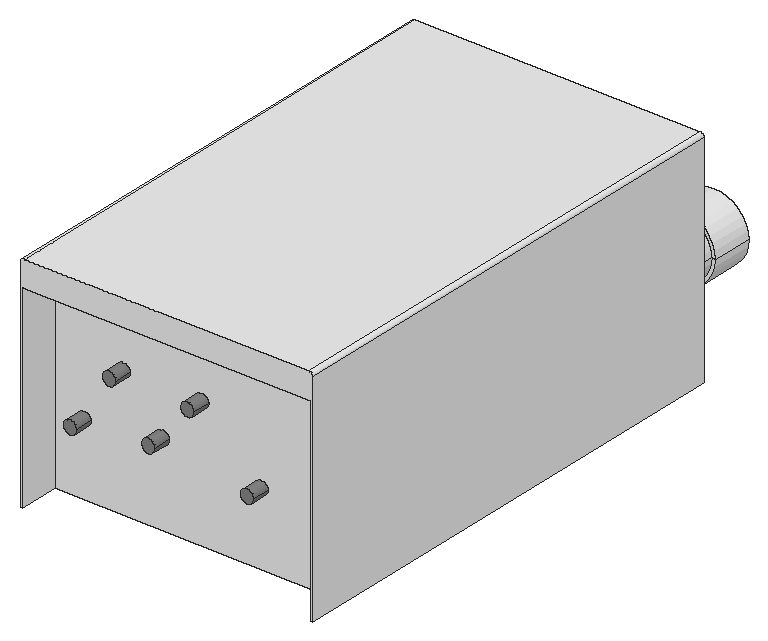
Revit family "Boiler-WeilMcLain-Aquabalance_Combination", category Mechanical Equipment, host Face, Revit 2015
Parameters (values of type "WMB-80")
  Width = 1' - 4 69/128"
  Voltage = 120 V
  Power Factor = 1  # constant formula
  Phase = 1
  Number of Poles = 1
  Model = "WMB-80 Combination"
  Manufacturer = "Weil-McLain"  # constant formula
  Frequency = 60 Hz
  Flue Outlet = 3"
  Domestic Hot Water = 3/4"
  Combustion Air = 3"
  URL = "https://www.weil-mclain.com/"
  Product Page URL = "http://aquabalanceboiler.com/"
  Product Name = "Aquabalance"  # constant formula
  Product Documentation Link = "http://aquabalanceboiler.com/wp-content/uploads/2017/08/WM-AquaBalance-Submittal-0717.pdf"
  Hot Water Outlet = 3/4"
  Height = 2' - 3 143/256"
  Heating System Tapping = 0' - 0 3/8"
  Heating System Supply = 3/4"
  Heating System Return = 3/4"
  Gas Connection = 1/2"
  Description = "Gas Boiler"
  Depth = 1' - 0 77/128"
  Default Elevation = 4' - 0"
  Cold Water Supply = 3/4"
  C = 0' - 7 45/128"
  B = 0' - 4 187/256"
  Actual Heating Water Flow = 2 GPM
  A = 0' - 4 31/256"
  5 = 0' - 3 97/256"
  4 = 0' - 2 27/128"
  3 = 0' - 2 27/128"
Types (4): name | Model | Domestic Hot Water | Heating System Supply | Heating System Return | C | B | Actual Heating Water Flow | A | 5 | 4 | 3
  (no name) | "WMB-80 Combination" | 3/4" | 3/4" | 3/4" | 0' - 7 45/128" | 0' - 4 187/256" | 2 GPM | 0' - 4 31/256" | 0' - 3 97/256" | 0' - 2 27/128" | 0' - 2 27/128"
  WMB-80 | "WMB-80 Combination" | 3/4" | 3/4" | 3/4" | 0' - 7 45/128" | 0' - 4 187/256" | 2 GPM | 0' - 4 31/256" | 0' - 3 97/256" | 0' - 2 27/128" | 0' - 2 27/128"
  WMB-120 | "WMB-120 Combination" | 0" | 3/4" | 3/4" | 0' - 7 45/128" | 0' - 4 187/256" | 3.2 GPM | 0' - 4 31/256" | 0' - 3 97/256" | 0' - 2 27/128" | 0' - 2 27/128"
  WMB-155 | "WMB-155 Combination" | 3/4" | 1" | 1" | 0' - 9 33/256" | 0' - 7 23/64" | 4 GPM | 0' - 6 13/128" | 0' - 2 51/128" | 0' - 2 15/256" | 0' - 3 161/256"
Reference planes (in)
  plane 1 "Center (Front/Back)": y = 0
  plane 2: z = 0
  plane 3 "Center (Left/Right)": x = 0
  plane 4: y = 27.55859
  plane 5: x = -8.26953
  plane 6: x = 8.26953
  plane 7: z = 12.60156
  plane 8: x = -0.04953
  plane 9: x = 4.67047
  plane 10: z = 4.33
  plane 11: y = 2.24371
  plane 12: x = -6.44953
  plane 13: x = 3.56125
  plane 14: x = -4.23953
  plane 15: x = -2.02859
  plane 16: x = 0.18234
  plane 17: z = 4.12109
  plane 18: z = 4.73047
  plane 19: z = 7.35156
Forms (in)
  Extrusion 1, solid, material "Metal - Weil-McLain - Steel"
    sketch origin (-21.85323, 2.24371, 47.98907) x (-1, 0, 0) y (0, 0, 1)
      loop
        circle (-15.4037, -43.86891) r 0.375
    from 0 to -1
  Extrusion 2, solid, material "Metal - Weil-McLain - Steel"
    sketch origin (-21.85323, 2.24371, 48) x (-1, 0, 0) y (0, 0, 1)
      loop
        circle (-25.39354, -43.86891) r 0.375
    from 0 to -1
  Extrusion 3, solid, material "Metal - Weil-McLain - White"
    sketch origin (0, 0, 0) x (1, 0, 0) y (0, 0, 1)
      loop
        arc (-8.0361, 12.60156) -> (-8.20116, 12.53319) -> (-8.26953, 12.36813) r 0.23343
        line (-8.26953, 12.36813) -> (-8.26953, 0) -> (-8.14453, 0) -> (-8.14453, 11.14701) -> (8.14453, 11.14701) -> (8.14453, 0) -> (8.26953, 0) -> (8.26953, 12.36813)
        arc (8.26953, 12.36813) -> (8.20116, 12.53319) -> (8.0361, 12.60156) r 0.23343
        line (8.0361, 12.60156) -> (-8.0361, 12.60156)
    from -27.55859 to 0
  Extrusion 4, solid, material "Metal - Weil-McLain - White"
    sketch origin (0, 0, 0) x (1, 0, 0) y (0, 0, 1)
      loop
        line (-8.14453, 11.14701) -> (-8.14453, 0) -> (8.14453, 0) -> (8.14453, 11.14701) -> (-8.14453, 11.14701)
    from -27.55859 to -2.24371
  Revolve 5, solid, material "Metal - Weil-McLain - White"
    sketch origin (-60, -180, 4.33) x (-1, 0, 0) y (0, -1, 0)
      loop
        line (-59.95047, -212.78457) -> (-58.02035, -212.78457) -> (-58.02035, -210.48652) -> (-58.27843, -210.48652) -> (-58.27843, -207.55859) -> (-59.95047, -207.55859) -> (-59.95047, -212.78457)
      axis (-59.95047, -212.78457) -> (-59.95047, -207.55859)
    angle from 0 to 360
  Revolve 6, solid, material "Metal - Weil-McLain - White"
    sketch origin (-60, -180, 4.33) x (-1, 0, 0) y (0, -1, 0)
      loop
        line (-64.67047, -212.78457) -> (-62.74035, -212.78457) -> (-62.74035, -210.48652) -> (-62.98234, -210.48652) -> (-62.98234, -207.55859) -> (-64.67047, -207.55859) -> (-64.67047, -212.78457)
      axis (-64.67047, -212.78457) -> (-64.67047, -207.55859)
    angle from 0 to 360
  Extrusion 7, solid, material "Metal - Weil-McLain - White"
    sketch origin (-21.85323, 27.55859, 48) x (-1, 0, 0) y (0, 0, 1)
      loop
        line (-24.92408, -41.20605) -> (-26.57123, -41.19782) -> (-27.93466, -41.20605)
        arc (-27.93466, -41.20605) -> (-28.62698, -41.49282) -> (-28.91375, -42.18515) r 0.9791
        line (-28.91375, -42.18515) -> (-28.91375, -44.90329)
        arc (-28.91375, -44.90329) -> (-28.62698, -45.59561) -> (-27.93466, -45.88238) r 0.9791
        line (-27.93466, -45.88238) -> (-24.92289, -45.88238)
        arc (-24.92289, -45.88238) -> (-24.23056, -45.59561) -> (-23.94379, -44.90329) r 0.9791
        line (-23.94379, -44.90329) -> (-23.94379, -42.18515)
        arc (-23.94379, -42.18515) -> (-24.23099, -41.4924) -> (-24.92408, -41.20605) r 0.9791
    from 0 to 0.125
  Extrusion 8, solid, material "Metal - Weil-McLain - White"
    sketch origin (-21.85323, 27.55859, 48) x (-1, 0, 0) y (0, 0, 1)
      loop
        line (-20.49773, -41.20643) -> (-23.20985, -41.20643)
        arc (-23.20985, -41.20643) -> (-23.90232, -41.49325) -> (-24.18915, -42.18572) r 0.9793
        line (-24.18915, -42.18572) -> (-24.18915, -44.90443)
        arc (-24.18915, -44.90443) -> (-23.9024, -45.59669) -> (-23.21015, -45.88343) r 0.979
        line (-23.21015, -45.88343) -> (-20.49768, -45.88343)
        arc (-20.49768, -45.88343) -> (-19.80536, -45.59667) -> (-19.51859, -44.90435) r 0.97909
        line (-19.51859, -44.90435) -> (-19.51859, -42.18557)
        arc (-19.51859, -42.18557) -> (-19.80537, -41.49321) -> (-20.49773, -41.20643) r 0.97914
    from 0 to 0.125
  Extrusion 9, solid, material "Metal - Weil-McLain - Steel"
    sketch origin (-19.64323, 2.24371, 51.21907) x (-1, 0, 0) y (0, 0, 1)
      loop
        circle (-15.4037, -43.86844) r 0.375
    from 0 to -1
  Extrusion 10, solid, material "Metal - Weil-McLain - Steel"
    sketch origin (-17.43323, 2.24371, 48.59907) x (-1, 0, 0) y (0, 0, 1)
      loop
        circle (-15.40463, -43.86953) r 0.375
    from 0 to -1
  Extrusion 11, solid, material "Metal - Weil-McLain - Steel"
    sketch origin (-15.22323, 2.24371, 51.21907) x (-1, 0, 0) y (0, 0, 1)
      loop
        circle (-15.40557, -43.86844) r 0.375
    from 0 to -1
Dimensions and locks (in)
  equal spacing: plane 5, plane 3 "Center (Left/Right)", plane 6
  "Width": plane 5 to plane 6
  "Height": plane 1 "Center (Front/Back)" to plane 4
  "Depth": plane 7 to level
  plane 9 to plane 8 to plane 5 = 0' - 4.72" locked, 0' - 8.22" locked
  locked: level to plane 10 at 4.33
  plane 11 to plane 1 "Center (Front/Back)" = 0' - 2.24371"
  Revolve 6 sketch curve to plane 9 = 0' - 1.93012"
  Revolve 6 sketch curve to plane 4 to Revolve 6 sketch curve = 0' - 5.22598", 0' - 0" locked
  locked: Revolve 5 sketch curve to plane 8 at 1.93012
  Revolve 5 sketch curve to plane 4 to Revolve 5 sketch curve = 0' - 5.22598", 0' - 0" locked
  plane 6 to Extrusion 8 sketch curve to Extrusion 8 sketch curve to Extrusion 8 sketch curve to Extrusion 8 sketch curve = 0' - 5 239/256" locked, 0' - 0.9793" locked, 0' - 2.71212" locked, 0' - 0.97914" locked
  plane 6 to Extrusion 8 sketch curve to Extrusion 8 sketch curve = 0' - 6.91261" locked, 0' - 2.71247" locked
  level to Extrusion 8 sketch curve to Extrusion 8 sketch curve to Extrusion 8 sketch curve to Extrusion 8 sketch curve = 0' - 2.11657" locked, 0' - 0.97909" locked, 0' - 2.71878" locked, 0' - 0.97914" locked
  level to Extrusion 8 sketch curve to Extrusion 8 sketch curve = 0' - 3.09557" locked, 0' - 2.71871" locked
  plane 14 to plane 12 to plane 5 = 0' - 2.21", 0' - 1.82"
  "A": plane 17 to level
  "B": plane 18 to level
  "C": plane 19 to level
  "3": plane 15 to plane 14
  "4": plane 16 to plane 15
  "5": plane 13 to plane 16
  locked: plane 14 to Extrusion 9 sketch curve at 0
  locked: plane 19 to Extrusion 9 sketch curve at 0.00093
  locked: plane 15 to Extrusion 10 sketch curve at 0
  locked: plane 18 to Extrusion 10 sketch curve at 0.00093
  locked: plane 16 to Extrusion 11 sketch curve at 0
  locked: plane 19 to Extrusion 11 sketch curve at 0.00093
  locked: plane 13 to Extrusion 2 sketch curve at 0.02094
  locked: Extrusion 2 sketch curve to plane 17 at 0.01
  "Heating System Tapping": radius of Extrusion 1 sketch curve
  "Heating System Tapping": radius of Extrusion 2 sketch curve
  "Heating System Tapping": radius of Extrusion 9 sketch curve
  "Heating System Tapping": radius of Extrusion 10 sketch curve
  "Heating System Tapping": radius of Extrusion 11 sketch curve
  aligned and locked: plane 2 to host face
  aligned and locked: level to host face
  aligned and locked: plane 4 to Extrusion 3
  aligned and locked: plane 1 "Center (Front/Back)" to Extrusion 3
  aligned and locked: plane 4 to Extrusion 4
  aligned and locked: Extrusion 4 to plane 11
  aligned and locked: Revolve 6 sketch curve to plane 9  (x2)
  aligned and locked: Revolve 5 sketch curve to plane 8  (x2)
Automatic sketch dimensions
  host sketch curve to host sketch curve = 8' - 0"  (x2)
  Extrusion 3 sketch curve to plane 5 = 0' - 0"
  Extrusion 3 sketch curve to level = 0' - 0"  (x2)
  Extrusion 3 sketch curve to plane 7 = 0' - 0"
  Extrusion 3 sketch curve to plane 6 = 0' - 0"
  plane 5 to Extrusion 3 sketch curve = 0' - 0 1/8"
  plane 5 to Extrusion 3 sketch curve = 0' - 0.23343"
  Extrusion 3 sketch curve to plane 6 = 0' - 0.23343"
  Extrusion 3 sketch curve to plane 6 = 0' - 0 1/8"
  Extrusion 3 sketch curve to Extrusion 3 sketch curve = 0' - 1.22112"
  Extrusion 4 sketch curve to level = 0' - 0"
  plane 5 to Extrusion 4 sketch curve = 0' - 0 1/8"
  Extrusion 4 sketch curve to plane 6 = 0' - 0 1/8"
  Extrusion 4 sketch curve to plane 7 = 0' - 1.45455"
  plane 15 to Revolve 5 sketch curve = 0' - 0.30702"
  Revolve 5 sketch curve to Revolve 5 sketch curve = 0' - 2.29805"
  Revolve 5 sketch curve to Revolve 5 sketch curve = 0' - 3 1/2"
  Revolve 5 sketch curve to plane 4 = 0' - 1.27402"
  Revolve 6 sketch curve to Revolve 6 sketch curve = 0' - 0.24199"
  Revolve 6 sketch curve to Revolve 6 sketch curve = 0' - 2.29805"
  Revolve 6 sketch curve to Revolve 6 sketch curve = 0' - 3 1/2"
  Revolve 6 sketch curve to Revolve 6 sketch curve = 0' - 1.27402"
  Extrusion 7 sketch curve to plane 6 = 0' - 1.209"
  Extrusion 7 sketch curve to Extrusion 7 sketch curve = 0' - 0.9791"  (x3)
  plane 9 to Extrusion 7 sketch curve = 0' - 0.04754"
  Extrusion 7 sketch curve to plane 13 = 0' - 0.4904"
  Extrusion 7 sketch curve to plane 13 = 0' - 0.49159"  (x2)
  Extrusion 7 sketch curve to plane 17 = 0' - 2.00348"
  plane 18 to Extrusion 7 sketch curve = 0' - 1.08438"  (x2)
  Extrusion 7 sketch curve to plane 19 = 0' - 0.54938"
  Extrusion 1 sketch curve to plane 12 = 0' - 0"
  Extrusion 1 sketch curve to plane 17 = 0' - 0.00093"
  radius of Extrusion 1 sketch curve = 0' - 0 3/8"
  radius of Extrusion 9 sketch curve = 0' - 0 3/8"
  radius of Extrusion 10 sketch curve = 0' - 0 3/8"
  radius of Extrusion 11 sketch curve = 0' - 0 3/8"
Connectors (in)
  hvac at (4.67047, 32.78457, 4.33), driven by "Combustion Air"
    settings: on Revolve 6, index 1, duct flow 0 CFM, flow factor 0, pres drop 0.00 in-wg, loss coef 0, conn angle 0.00°, conn width 12", conn height 12", conn diameter 3", duct sys type 3, conn prof type 0, flow config 0, flow direction 2, loss method 0, conn ref index -1, conn util no, is conn primary yes, conn desc "Combustion Air"
  hvac at (-0.04953, 32.78457, 4.33), driven by "Flue Outlet"
    settings: on Revolve 5, index 2, duct flow 0 CFM, flow factor 0, pres drop 0.00 in-wg, loss coef 0, conn angle 0.00°, conn width 12", conn height 12", conn diameter 3", duct sys type 4, conn prof type 0, flow config 0, flow direction 1, loss method 0, conn ref index -1, conn util no, is conn primary no, conn desc "Flue Outlet"
  piping at (-6.44953, 1.24371, 4.12016), diameter 0.75, driven by "Heating System Supply"
    settings: on Extrusion 1, index 3, connector inside diameter 24", connector length 0' - 0", flow factor 0, pipe flow 0 GPM, pressure drop 0.00 psi, fitting loss kfactor 0, connector angle 0.00°, fixture units 0, engagement length 0' - 0", angle of deflection 0.00°, flow configuration 0, flow direction 0, fitting loss method 0, system type 19, joint type 0, gender type 0, connector reference index -1, connector utility 0, adjustable connector no, is connector primary yes, connector description ""
  piping at (-4.23953, 1.24371, 7.35063), diameter 0.75, driven by "Domestic Hot Water"
    settings: on Extrusion 9, index 4, connector inside diameter 24", connector length 0' - 0", flow factor 0, pipe flow 0 GPM, pressure drop 0.00 psi, fitting loss kfactor 0, connector angle 0.00°, fixture units 0, engagement length 0' - 0", angle of deflection 0.00°, flow configuration 0, flow direction 0, fitting loss method 0, system type 19, joint type 0, gender type 0, connector reference index -1, connector utility 0, adjustable connector no, is connector primary no, connector description ""
  piping at (-2.02859, 1.24371, 4.72954), diameter 0.5, driven by "Gas Connection"
    settings: on Extrusion 10, index 5, connector inside diameter 24", connector length 0' - 0", flow factor 0, pipe flow 0 GPM, pressure drop 0.00 psi, fitting loss kfactor 0, connector angle 0.00°, fixture units 0, engagement length 0' - 0", angle of deflection 0.00°, flow configuration 0, flow direction 0, fitting loss method 0, system type 22, joint type 0, gender type 0, connector reference index -1, connector utility 0, adjustable connector no, is connector primary no, connector description ""
  piping at (0.18234, 1.24371, 7.35063), diameter 0.75, driven by "Cold Water Supply"
    settings: on Extrusion 11, index 6, connector inside diameter 24", connector length 0' - 0", flow factor 0, pipe flow 0 GPM, pressure drop 0.00 psi, fitting loss kfactor 0, connector angle 0.00°, fixture units 0, engagement length 0' - 0", angle of deflection 0.00°, flow configuration 0, flow direction 0, fitting loss method 0, system type 20, joint type 0, gender type 0, connector reference index -1, connector utility 0, adjustable connector no, is connector primary no, connector description ""
  piping at (3.54031, 1.24371, 4.13109), diameter 0.375, driven by "Heating System Tapping"
    settings: on Extrusion 2, index 7, connector inside diameter 24", connector length 0' - 0", flow factor 0, pipe flow 0 GPM, pressure drop 0.00 psi, fitting loss kfactor 0, connector angle 0.00°, fixture units 0, engagement length 0' - 0", angle of deflection 0.00°, flow configuration 0, flow direction 0, fitting loss method 0, system type 19, joint type 0, gender type 0, connector reference index -1, connector utility 0, adjustable connector no, is connector primary no, connector description ""
